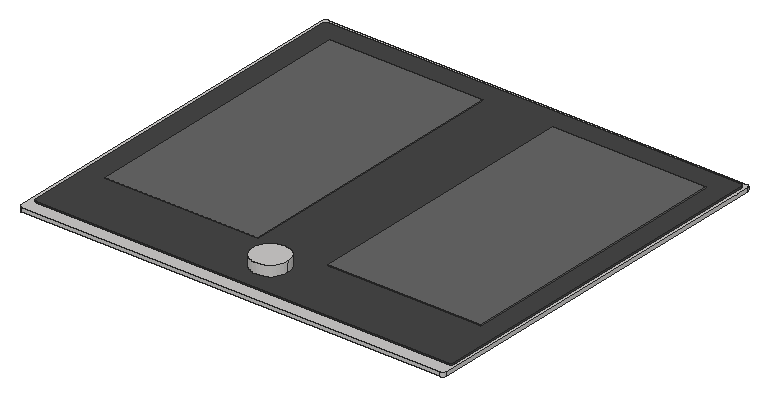
Revit family "NEFF Induction Hob", category Specialty Equipment, Revit 2013
Parameters
  Keynote = "N"
  Depth = 546 mm
  Width = 606 mm
Reference planes
  plane 1: z = 0
  plane 2 "Center (Left/Right)": x = 21
  plane 3: y = 273
  plane 4: x = -282
  plane 5: y = -273
  plane 6: x = 324
  plane 7: y = 268
  plane 8: y = -253
  plane 9: x = -277
  plane 10: x = 319
  plane 11: y = -203
  plane 12: y = 238
  plane 13: x = -247
  plane 14: x = 289
  plane 15: y = -163
  plane 16: x = -29
  plane 17: x = 71
Forms (mm)
  Extrusion 1, solid, material "Metal - Stainless Steel"
    sketch origin (0, 0, 0) x (1, 0, 0) y (0, 1, 0)
      loop
        line (-277, -273) -> (319, -273)
        arc (319, -273) -> (322.536, -271.536) -> (324, -268) r 5
        line (324, -268) -> (324, 268)
        arc (324, 268) -> (322.536, 271.536) -> (319, 273) r 5
        line (319, 273) -> (-277, 273)
        arc (-277, 273) -> (-280.536, 271.536) -> (-282, 268) r 5
        line (-282, 268) -> (-282, -268)
        arc (-282, -268) -> (-280.536, -271.536) -> (-277, -273) r 5
    from 0 to 5
  Extrusion 2, solid, material "Ceramic - Black"
    sketch origin (0, 0, 0) x (1, 0, 0) y (0, 1, 0)
      loop
        arc (-272, 268) -> (-275.536, 266.536) -> (-277, 263) r 5
        line (-277, 263) -> (-277, -248)
        arc (-277, -248) -> (-275.536, -251.536) -> (-272, -253) r 5
        line (-272, -253) -> (314, -253)
        arc (314, -253) -> (317.536, -251.536) -> (319, -248) r 5
        line (319, -248) -> (319, 263)
        arc (319, 263) -> (317.536, 266.536) -> (314, 268) r 5
        line (314, 268) -> (-272, 268)
    from 0 to 6
  Extrusion 3, solid, material "Metal - Stainless Steel"
    sketch origin (0, 0, 0) x (1, 0, 0) y (0, 1, 0)
      loop
        circle (21, -203) r 25
    from 6 to 20
  Extrusion 4, solid, material "Ceramic - FlexInduction"
    sketch origin (0, 0, 0) x (1, 0, 0) y (0, 1, 0)
      loop
        line (-247, 238) -> (-247, -163) -> (-29, -163) -> (-29, 238) -> (-247, 238)
      loop
        line (71, 238) -> (71, -163) -> (289, -163) -> (289, 238) -> (71, 238)
    from 0 to 6.5
Dimensions and locks
  "Width": plane 4 to plane 6
  "Depth": plane 5 to plane 3
  locked: plane 4 to plane 9 at 5
  locked: plane 7 to plane 3 at 5
  locked: plane 10 to plane 6 at 5
  locked: plane 5 to plane 8 at 20
  locked: plane 5 to plane 11 at 70
  equal spacing: plane 4, plane 2 "Center (Left/Right)", plane 6
  locked: plane 4 to plane 13 at 35
  locked: plane 12 to plane 3 at 35
  locked: plane 14 to plane 6 at 35
  locked: plane 5 to plane 15 at 110
  plane 16 to plane 2 "Center (Left/Right)" to plane 17 = 50 mm locked, 50 mm locked
  aligned and locked: plane 5 to Extrusion 1 sketch curve
  aligned and locked: Extrusion 1 sketch curve to plane 6
  aligned and locked: plane 4 to Extrusion 1 sketch curve
  aligned and locked: Extrusion 1 sketch curve to plane 3
  aligned and locked: plane 7 to Extrusion 2 sketch curve
  aligned and locked: Extrusion 2 sketch curve to plane 9
  aligned and locked: Extrusion 2 sketch curve to plane 8
  aligned and locked: plane 10 to Extrusion 2 sketch curve
  aligned and locked: plane 12 to Extrusion 4 sketch curve
  aligned and locked: Extrusion 4 sketch curve to plane 13
  aligned and locked: Extrusion 4 sketch curve to plane 15
  aligned and locked: Extrusion 4 sketch curve to plane 16
  aligned and locked: plane 17 to Extrusion 4 sketch curve
  aligned and locked: plane 14 to Extrusion 4 sketch curve
Automatic sketch dimensions
  Extrusion 1 sketch curve to plane 4 = 5 mm
  Extrusion 1 sketch curve to plane 5 = 5 mm
  plane 6 to Extrusion 1 sketch curve = 5 mm  (x2)
  Extrusion 2 sketch curve to plane 9 = 5 mm  (x2)
  Extrusion 2 sketch curve to plane 8 = 5 mm
  plane 10 to Extrusion 2 sketch curve = 5 mm
  Extrusion 3 sketch curve to plane 2 "Center (Left/Right)" = 0 mm
  plane 11 to Extrusion 3 sketch curve = 0 mm
  plane 12 to Extrusion 4 sketch curve = 0 mm
  plane 15 to Extrusion 4 sketch curve = 0 mm
  radius of Extrusion 3 sketch curve = 25 mm
